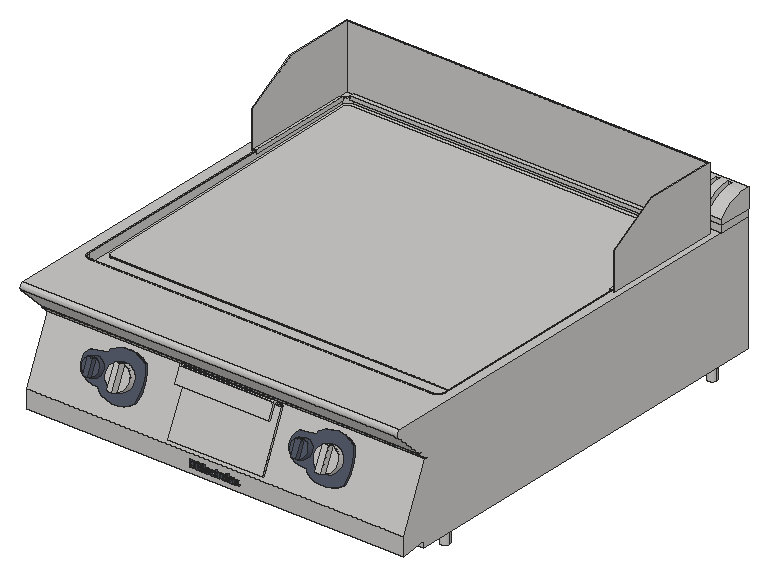
Revit family "QF_ELECTROLUXPROFESSIONAL_391586_E9IIDTAOMEI", category Attrezzature speciali, Revit 2018
Family settings
  Quota connettore circolare = Usa diametro
  Tipo di parte = Normale
  Basato su piano di lavoro = No
  Sempre verticale = Sì
  Taglio con vuoti quando caricato = No
  Condiviso = No
  Punto di calcolo locali = No
Parameters (values of type "Standard")
  Weight = 105.00 kg
  Watts = 0 W
  Volts = 0 V
  URL Manufacturer = "https://www.electroluxprofessional.com/"
  URL = "https://www.electroluxprofessional.com/"
  Steam Supply Size = 0"
  Steam Supply Minimum Pressure = 0.00 psi
  Steam Supply Maximum Pressure = 0.00 psi
  Steam Consumption per Hour = 0
  Show Logo [instance] = yes
  Show Clearance [instance] = yes
  Refrigeration Suction Line Size = 0 mm
  Refrigeration Liquid Line Size = 0 mm
  Refrigerant Compressor Remote = yes
  Phase = 0
  Modello = "E9IIDTAOMEI"
  Produttore = "Electrolux Professional"
  Length Actual = 800 mm  # constant formula
  Item Number = "391586"
  Hot Water Size = 0"
  Height Actual = 250 mm  # constant formula
  HP = "0 HP"
  Gas Size = 1/2"
  Gas KW = 20
  Gas Input Pressure = 0.672036 Btu/h
  Direct Waste Size = 0"
  Descrizione = "GAS FRY TOP POLISHED CHROME SMOOTH SLOPED PLATE 800MM - QMARK"
  Depth Actual = 930 mm  # constant formula
  Cycle = 0 Hz
  Condensate Return Size = 0"
  Compressed Air Volume = 0 GPM
  Compressed Air Size = 0"
  Compressed Air Pressure = 0.00 psi
  Cold Water Size = 0"
  Accessory = yes
Values of the unnamed type that differ from the named types
  Weight = 0.00 kg
  URL Manufacturer = ""
  Item Number = ""
  HP = ""
  Gas KW = 0
  Gas Input Pressure = 0.0 Btu/h
Reference planes
  plane 1 "BACK": y = 0
  plane 2: z = 0
  plane 3 "LEFT": x = 0
  plane 4 "RIGHT": x = 800
  plane 5 "FRONT": y = -930
  plane 6 "TOP": z = 275
  plane 7 "Center Y": x = 400
  plane 8 "Center X": y = -465
  plane 9: y = -1045
  plane 10: z = 24
  plane 11: z = 290
  plane 12: x = 748
  plane 13: z = 410
  plane 14: x = 11
  plane 15: x = 788.888
Forms (mm)
  Extrusion 1, solid, material "QF_Finishes_Stainless Steel"
    sketch origin (0, 0, 0) x (0, 1, 0) y (0, 0, 1)
      loop
        line (0, 275) -> (-922.686, 275)
        arc (-922.686, 275) -> (-929.443, 270.485) -> (-927.858, 262.514) r 7.314
        line (-927.858, 262.514) -> (-873.907, 208.563) -> (-865.773, 208.563) -> (-865.773, 206.447) -> (-871.79, 206.447) -> (-858.907, 193.563) -> (-850.773, 193.563) -> (-850.773, 191.447) -> (-856.79, 191.447) -> (-913.146, 69.003) -> (-913.146, 30.903) -> (-859.774, 36.513) -> (-859.774, 24) -> (0, 24) -> (0, 275)
    from 0 to 800
  Extrusion 2, solid, material "QF_Finishes_Stainless Steel"
    sketch origin (0, 0, 0) x (1, 0, 0) y (0, 1, 0)
      loop
        circle (11, -82) r 9.525
      loop
        circle (11, -790) r 9.525
      loop
        circle (789, -82) r 9.525
      loop
        circle (789, -790) r 9.525
    from 0 to 24
  Extrusion 3, solid, material "QF_Finishes_Stainless Steel"
    sketch origin (0, 0, 0.362) x (0, 1, 0) y (0, 0, 1)
      loop
        line (0, 289.638) -> (0, 331.738)
        arc (0, 331.738) -> (-38.857, 324.552) -> (-69.85, 300.038) r 82.056
        line (-69.85, 300.038) -> (-69.85, 289.638) -> (0, 289.638)
    from 0 to 400.05
  Extrusion 4, void
    sketch origin (0, 0, 275) x (0, -1, 0) y (1, 0, 0)
      loop
        line (6.761, 29.703) -> (63.911, 29.703) -> (63.911, 38.999) -> (6.761, 38.999) -> (6.761, 29.703)
      loop
        line (63.911, 64.487) -> (6.761, 64.487) -> (6.761, 55.191) -> (63.911, 55.191) -> (63.911, 64.487)
      loop
        line (63.911, 89.975) -> (6.761, 89.975) -> (6.761, 80.68) -> (63.911, 80.68) -> (63.911, 89.975)
      loop
        line (63.911, 115.464) -> (6.761, 115.464) -> (6.761, 106.168) -> (63.911, 106.168) -> (63.911, 115.464)
      loop
        line (63.911, 140.952) -> (6.761, 140.952) -> (6.761, 131.656) -> (63.911, 131.656) -> (63.911, 140.952)
      loop
        line (63.911, 166.44) -> (6.761, 166.44) -> (6.761, 157.145) -> (63.911, 157.145) -> (63.911, 166.44)
      loop
        line (63.911, 191.929) -> (6.761, 191.929) -> (6.761, 182.633) -> (63.911, 182.633) -> (63.911, 191.929)
      loop
        line (63.911, 217.417) -> (6.761, 217.417) -> (6.761, 208.121) -> (63.911, 208.121) -> (63.911, 217.417)
      loop
        line (63.911, 242.905) -> (6.761, 242.905) -> (6.761, 233.61) -> (63.911, 233.61) -> (63.911, 242.905)
      loop
        line (63.911, 268.394) -> (6.761, 268.394) -> (6.761, 259.098) -> (63.911, 259.098) -> (63.911, 268.394)
      loop
        line (63.911, 293.882) -> (6.761, 293.882) -> (6.761, 284.586) -> (63.911, 284.586) -> (63.911, 293.882)
      loop
        line (63.911, 319.37) -> (6.761, 319.37) -> (6.761, 310.075) -> (63.911, 310.075) -> (63.911, 319.37)
      loop
        line (63.911, 344.859) -> (6.761, 344.859) -> (6.761, 335.563) -> (63.911, 335.563) -> (63.911, 344.859)
      loop
        line (63.911, 370.347) -> (6.761, 370.347) -> (6.761, 361.051) -> (63.911, 361.051) -> (63.911, 370.347)
    from 25.4 to 63.5
  Extrusion 5, solid, material "QF_Finishes_Stainless Steel"
    sketch origin (400.05, 0, 0.362) x (0, 1, 0) y (0, 0, 1)
      loop
        line (0, 289.638) -> (0, 331.738)
        arc (0, 331.738) -> (-38.857, 324.552) -> (-69.85, 300.038) r 82.056
        line (-69.85, 300.038) -> (-69.85, 289.638) -> (0, 289.638)
    from 0 to 400.05
  Extrusion 6, void
    sketch origin (400.05, 0, 275) x (0, -1, 0) y (1, 0, 0)
      loop
        line (6.761, 29.703) -> (63.911, 29.703) -> (63.911, 38.999) -> (6.761, 38.999) -> (6.761, 29.703)
      loop
        line (63.911, 64.487) -> (6.761, 64.487) -> (6.761, 55.191) -> (63.911, 55.191) -> (63.911, 64.487)
      loop
        line (63.911, 89.975) -> (6.761, 89.975) -> (6.761, 80.68) -> (63.911, 80.68) -> (63.911, 89.975)
      loop
        line (63.911, 115.464) -> (6.761, 115.464) -> (6.761, 106.168) -> (63.911, 106.168) -> (63.911, 115.464)
      loop
        line (63.911, 140.952) -> (6.761, 140.952) -> (6.761, 131.656) -> (63.911, 131.656) -> (63.911, 140.952)
      loop
        line (63.911, 166.44) -> (6.761, 166.44) -> (6.761, 157.145) -> (63.911, 157.145) -> (63.911, 166.44)
      loop
        line (63.911, 191.929) -> (6.761, 191.929) -> (6.761, 182.633) -> (63.911, 182.633) -> (63.911, 191.929)
      loop
        line (63.911, 217.417) -> (6.761, 217.417) -> (6.761, 208.121) -> (63.911, 208.121) -> (63.911, 217.417)
      loop
        line (63.911, 242.905) -> (6.761, 242.905) -> (6.761, 233.61) -> (63.911, 233.61) -> (63.911, 242.905)
      loop
        line (63.911, 268.394) -> (6.761, 268.394) -> (6.761, 259.098) -> (63.911, 259.098) -> (63.911, 268.394)
      loop
        line (63.911, 293.882) -> (6.761, 293.882) -> (6.761, 284.586) -> (63.911, 284.586) -> (63.911, 293.882)
      loop
        line (63.911, 319.37) -> (6.761, 319.37) -> (6.761, 310.075) -> (63.911, 310.075) -> (63.911, 319.37)
      loop
        line (63.911, 344.859) -> (6.761, 344.859) -> (6.761, 335.563) -> (63.911, 335.563) -> (63.911, 344.859)
      loop
        line (63.911, 370.347) -> (6.761, 370.347) -> (6.761, 361.051) -> (63.911, 361.051) -> (63.911, 370.347)
    from 25.4 to 63.5
  Extrusion 7, solid, material "QF_Finishes_Stainless Steel"
    sketch origin (0, 0, 275) x (0, -1, 0) y (1, 0, 0)
      loop
        line (69.85, 0) -> (69.85, 800) -> (0, 800) -> (0, 0) -> (69.85, 0)
    from 0 to 15
  Extrusion 8, solid, material "QF_Finishes_Stainless Steel"
    sketch origin (400.05, -23.977, 1219.2) x (0, 1, 0) y (0, 0, 1)
      loop
        line (-834.228, -1030.828) -> (-850.635, -1014.422)
        arc (-850.635, -1014.422) -> (-855.102, -1013.019) -> (-858.806, -1015.884) r 5.058
        line (-858.806, -1015.884) -> (-871.468, -1043.394) -> (-868.584, -1044.721) -> (-855.922, -1017.211)
        arc (-855.922, -1017.211) -> (-854.543, -1016.145) -> (-852.88, -1016.667) r 1.883
        line (-852.88, -1016.667) -> (-838.037, -1031.51) -> (-888.871, -1141.955) -> (-885.987, -1143.282) -> (-834.228, -1030.828)
    from 100 to -100
  Extrusion 9, solid, material "QF_Door-Drawer Clearances", visible <- "Show Clearance", detail levels coarse
    sketch origin (293.7, -300.974, 0) x (0, 1, 0) y (0, 0, 1)
      loop
        line (-723.739, 174.479) -> (-711.077, 201.989)
        arc (-711.077, 201.989) -> (-709.698, 203.055) -> (-708.035, 202.533) r 1.883
        line (-708.035, 202.533) -> (-693.192, 187.69) -> (-744.026, 77.245) -> (-741.142, 75.918) -> (-608.989, 75.918) -> (-557.231, 188.372) -> (-573.638, 204.778)
        arc (-573.638, 204.778) -> (-574.873, 205.685) -> (-576.323, 206.181) r 5.058
        line (-576.323, 206.181) -> (-710.257, 206.181)
        arc (-710.257, 206.181) -> (-712.461, 205.203) -> (-713.961, 203.316) r 5.058
        line (-713.961, 203.316) -> (-726.623, 175.806) -> (-723.739, 174.479)
    from 6.35 to 206.35
  Extrusion 10, solid, material "QF_Finishes_Stainless Steel"
    sketch origin (0, 0, 0) x (0, 1, 0) y (0, 0, 1)
      loop
        line (-83.39, 410) -> (-235.39, 410) -> (-335.39, 352.265) -> (-335.39, 275) -> (-83.39, 275) -> (-83.39, 410)
    from 15.442 to 17.03
  Extrusion 11, solid, material "QF_Finishes_Stainless Steel"
    sketch origin (800, 0, 0) x (0, -1, 0) y (0, 0, 1)
      loop
        line (83.39, 410) -> (83.39, 275) -> (335.39, 275) -> (335.39, 352.265) -> (235.39, 410) -> (83.39, 410)
    from 15.442 to 17.03
  Extrusion 12, solid, material "QF_Finishes_Stainless Steel"
    sketch origin (635, 190.152, 275) x (0, -1, 0) y (1, 0, 0)
      loop
        line (273.542, 147.97) -> (273.542, -617.97) -> (275.13, -617.97) -> (275.13, 147.97) -> (273.542, 147.97)
    from 0 to 135
  Extrusion 13, void
    sketch origin (0, 0, 275) x (0, -1, 0) y (1, 0, 0)
      loop
        arc (92.539, 37.03) -> (96.932, 26.423) -> (107.539, 22.03) r 15
        line (107.539, 22.03) -> (777.539, 22.03)
        arc (777.539, 22.03) -> (788.145, 26.423) -> (792.539, 37.03) r 15
        line (792.539, 37.03) -> (792.539, 762.97)
        arc (792.539, 762.97) -> (788.145, 773.577) -> (777.539, 777.97) r 15
        line (777.539, 777.97) -> (107.539, 777.97)
        arc (107.539, 777.97) -> (96.932, 773.577) -> (92.539, 762.97) r 15
        line (92.539, 762.97) -> (92.539, 37.03)
    from 0 to -21.588
  Sweep 14, solid, material "QF_Finishes_Stainless Steel"
    path origin (0, 0, 0) x (1, 0, 0) y (0, 1, 0)
      loop
        line (22.03, -107.539) -> (22.03, -777.539)
        arc (22.03, -777.539) -> (26.423, -788.145) -> (37.03, -792.539) r 15
        line (37.03, -792.539) -> (762.97, -792.539)
        arc (762.97, -792.539) -> (773.577, -788.145) -> (777.97, -777.539) r 15
        line (777.97, -777.539) -> (777.97, -107.539)
        arc (777.97, -107.539) -> (773.577, -96.932) -> (762.97, -92.539) r 15
        line (762.97, -92.539) -> (37.03, -92.539)
        arc (37.03, -92.539) -> (26.423, -96.932) -> (22.03, -107.539) r 15
    profile origin (22.03, -442.539, 0) x (1, 0, 0) y (0, 0, 1)
      loop
        line (0, 255) -> (1.588, 255) -> (1.588, 272.855)
        arc (1.588, 272.855) -> (1.147, 274.189) -> (0, 275) r 2.242
        line (0, 275) -> (0, 255)
  Extrusion 15, solid, material "QF_Finishes_Stainless Steel"
    sketch origin (1234.536, -1877.601, 240.53) x (0, 0.999911, 0.013315) y (-1, 0, 0)
      loop
        line (1137.444, 1192.506) -> (1137.444, 476.566)
        spline (1137.444, 476.566) -> (1137.529, 475.26) -> (1137.784, 473.977) -> (1138.205, 472.739) -> (1138.783, 471.566) -> (1139.51, 470.478) -> (1140.372, 469.494) -> (1141.356, 468.632) -> (1142.443, 467.905) -> (1143.616, 467.327) -> (1144.855, 466.906) -> (1146.138, 466.651) -> (1147.443, 466.566)
        line (1147.443, 466.566) -> (1761.703, 466.566)
        spline (1761.703, 466.566) -> (1763.009, 466.651) -> (1764.291, 466.906) -> (1765.53, 467.327) -> (1766.703, 467.905) -> (1767.79, 468.632) -> (1768.774, 469.494) -> (1769.636, 470.478) -> (1770.363, 471.566) -> (1770.941, 472.739) -> (1771.362, 473.977) -> (1771.617, 475.26) -> (1771.702, 476.566)
        line (1771.702, 476.566) -> (1771.702, 1192.506)
        spline (1771.702, 1192.506) -> (1771.617, 1193.812) -> (1771.362, 1195.095) -> (1770.941, 1196.333) -> (1770.363, 1197.506) -> (1769.636, 1198.594) -> (1768.774, 1199.578) -> (1767.79, 1200.44) -> (1766.703, 1201.167) -> (1765.53, 1201.745) -> (1764.291, 1202.166) -> (1763.009, 1202.421) -> (1761.703, 1202.506)
        line (1761.703, 1202.506) -> (1147.443, 1202.506)
        spline (1147.443, 1202.506) -> (1146.138, 1202.421) -> (1144.855, 1202.166) -> (1143.616, 1201.745) -> (1142.443, 1201.167) -> (1141.356, 1200.44) -> (1140.372, 1199.578) -> (1139.51, 1198.594) -> (1138.783, 1197.506) -> (1138.205, 1196.333) -> (1137.784, 1195.095) -> (1137.529, 1193.812) -> (1137.444, 1192.506)
    from 1.6 to 0
  Extrusion 16, solid, material "QF_Finishes_Stainless Steel"
    sketch origin (0, 0, 0) x (1, 0, 0) y (0, 0, 1)
      loop
        line (17.03, 275.856) -> (23.926, 275.856) -> (23.926, 270.856) -> (25.514, 270.856) -> (25.514, 277.444) -> (17.03, 277.444) -> (17.03, 275.856)
      loop
        line (782.97, 275.856) -> (782.97, 277.444) -> (774.486, 277.444) -> (774.486, 270.856) -> (776.074, 270.856) -> (776.074, 275.856) -> (782.97, 275.856)
    from 105.541 to 335.39
  Extrusion 17, solid, material "QF_Finishes_Stainless Steel"
    sketch origin (0, 0, 0) x (0, 1, 0) y (0, 0, 1)
      loop
        line (-94.126, 270.856) -> (-94.126, 275.856) -> (-84.978, 275.856) -> (-84.978, 277.444) -> (-95.714, 277.444) -> (-95.714, 270.856) -> (-94.126, 270.856)
    from 32.03 to 767.97
  Extrusion 18, solid, material "QF_Finishes_Stainless Steel"
    sketch origin (0, -101.6, 24) x (-1, 0, 0) y (0, 1, 0)
      loop
        circle (-748, -562.4) r 6.35
    from 0 to 17
  Extrusion 19, solid, material "QF_Finishes_Navy Blue", visible <- "Show Logo"
    sketch origin (0, -913.146, 30.903) x (0, 0, 1) y (-1, 0, 0)
      loop
        line (25.436, -355.199) -> (13.07, -355.199)
        arc (13.07, -355.199) -> (19.253, -359.77) -> (25.436, -355.199) r 6.467
      loop
        arc (25.436, -354.57) -> (24.267, -349.427) -> (19.612, -346.949) r 6.338
        line (19.612, -346.949) -> (19.612, -348.995)
        arc (19.612, -348.995) -> (21.095, -352.65) -> (24.541, -354.57) r 5.941
        line (24.541, -354.57) -> (25.436, -354.57)
      loop
        arc (13.965, -354.57) -> (17.411, -352.65) -> (18.895, -348.995) r 5.941
        line (18.895, -348.995) -> (18.895, -346.949)
        arc (18.895, -346.949) -> (14.2, -349.423) -> (12.911, -354.57) r 6.504
        line (12.911, -354.57) -> (13.965, -354.57)
      loop
        line (26.111, -346.48) -> (12.367, -346.48) -> (12.367, -360.243) -> (26.111, -360.243) -> (26.111, -346.48)
      loop
        arc (26.195, -363.21) -> (25.847, -362.853) -> (25.48, -363.191) r 0.358
        arc (25.48, -363.191) -> (25.166, -363.941) -> (24.449, -364.326) r 1.216
        line (24.449, -364.326) -> (14.037, -364.326)
        arc (14.037, -364.326) -> (13.377, -364.048) -> (12.981, -363.452) r 1.238
        arc (12.981, -363.452) -> (12.586, -363.201) -> (12.28, -363.555) r 0.358
        line (12.28, -363.555) -> (12.28, -373.434) -> (15.031, -373.434) -> (15.031, -372.537)
        arc (15.031, -372.537) -> (14.122, -371.957) -> (13.667, -370.98) r 1.928
        line (13.667, -370.98) -> (13.667, -368.481)
        arc (13.667, -368.481) -> (13.942, -367.752) -> (14.631, -367.388) r 1.101
        line (14.631, -367.388) -> (18.717, -367.388) -> (18.717, -371.061)
        arc (18.717, -371.061) -> (18.365, -371.558) -> (17.799, -371.786) r 1.083
        arc (17.799, -371.786) -> (17.536, -372.092) -> (17.828, -372.37) r 0.292
        line (17.828, -372.37) -> (20.79, -372.37)
        arc (20.79, -372.37) -> (21.093, -372.097) -> (20.854, -371.767) r 0.305
        arc (20.854, -371.767) -> (20.364, -371.519) -> (20.059, -371.061) r 1.083
        line (20.059, -371.061) -> (20.059, -367.388) -> (24.736, -367.388) -> (24.736, -371.135)
        arc (24.736, -371.135) -> (24.522, -371.891) -> (23.915, -372.389) r 1.314
        arc (23.915, -372.389) -> (23.696, -372.793) -> (24.051, -373.085) r 0.361
        line (24.051, -373.085) -> (26.195, -373.085) -> (26.195, -363.21)
      loop
        arc (25.478, -373.866) -> (25.097, -374.785) -> (24.179, -375.165) r 1.299
        line (24.179, -375.165) -> (14.6, -375.165)
        arc (14.6, -375.165) -> (13.762, -374.787) -> (13.49, -373.909) r 1.118
        line (13.49, -373.909) -> (12.28, -373.909) -> (12.28, -379.259) -> (13.469, -379.259)
        arc (13.469, -379.259) -> (13.74, -378.342) -> (14.61, -377.946) r 1.153
        line (14.61, -377.946) -> (26.683, -377.946) -> (25.478, -373.866)
      loop
        line (17.245, -381.895) -> (17.245, -388.342) -> (18.044, -388.342)
        arc (18.044, -388.342) -> (20.625, -387.358) -> (21.893, -384.904) r 3.874
        line (21.893, -384.904) -> (21.893, -383.144)
        arc (21.893, -383.144) -> (20.707, -380.279) -> (17.842, -379.093) r 4.051
        line (17.842, -379.093) -> (15.834, -379.093)
        arc (15.834, -379.093) -> (13.016, -380.578) -> (11.964, -383.585) r 4.352
        arc (11.964, -383.585) -> (12.328, -386.048) -> (13.706, -388.122) r 5.713
        line (13.706, -388.122) -> (14.655, -388.122)
        arc (14.655, -388.122) -> (13.922, -386.553) -> (13.706, -384.835) r 5.579
        arc (13.706, -384.835) -> (14.5, -382.872) -> (16.379, -381.895) r 3.057
        line (16.379, -381.895) -> (17.245, -381.895)
      loop
        line (18.504, -381.895) -> (18.504, -385.477)
        arc (18.504, -385.477) -> (19.961, -385.524) -> (20.844, -384.365) r 1.59
        line (20.844, -384.365) -> (20.844, -383.535)
        arc (20.844, -383.535) -> (19.98, -382.28) -> (18.504, -381.895) r 2.184
      loop
        arc (21.295, -397.76) -> (21.784, -396.086) -> (21.942, -394.349) r 9.023
        line (21.942, -394.349) -> (21.942, -392.987)
        arc (21.942, -392.987) -> (20.782, -390.187) -> (17.983, -389.027) r 3.959
        line (17.983, -389.027) -> (15.382, -389.027)
        arc (15.382, -389.027) -> (13.101, -390.32) -> (11.983, -392.693) r 4.331
        line (11.983, -392.693) -> (11.983, -394.828)
        arc (11.983, -394.828) -> (12.492, -396.378) -> (13.413, -397.724) r 5.772
        arc (13.413, -397.724) -> (14.175, -397.775) -> (14.261, -397.016) r 0.553
        arc (14.261, -397.016) -> (13.874, -396.282) -> (13.74, -395.463) r 2.573
        line (13.74, -395.463) -> (13.74, -393.948)
        arc (13.74, -393.948) -> (14.746, -392.306) -> (16.56, -391.664) r 2.884
        line (16.56, -391.664) -> (17.839, -391.664)
        arc (17.839, -391.664) -> (19.66, -392.224) -> (20.587, -393.889) r 2.554
        line (20.587, -393.889) -> (20.587, -394.942)
        arc (20.587, -394.942) -> (20.255, -395.87) -> (19.598, -396.605) r 2.564
        arc (19.598, -396.605) -> (19.377, -397.322) -> (19.986, -397.76) r 0.643
        line (19.986, -397.76) -> (21.295, -397.76)
      loop
        line (20.277, -398.03) -> (20.277, -399.531) -> (14.229, -399.531)
        arc (14.229, -399.531) -> (12.641, -400.189) -> (11.983, -401.777) r 2.246
        line (11.983, -401.777) -> (11.983, -403.361)
        arc (11.983, -403.361) -> (12.297, -404.225) -> (12.798, -404.997) r 4.06
        arc (12.798, -404.997) -> (13.53, -405.13) -> (13.782, -404.429) r 0.576
        arc (13.782, -404.429) -> (13.676, -403.903) -> (13.74, -403.371) r 1.69
        arc (13.74, -403.371) -> (14.281, -402.583) -> (15.188, -402.28) r 1.506
        line (15.188, -402.28) -> (20.326, -402.28) -> (20.326, -404.677) -> (20.882, -405.233) -> (21.704, -405.233) -> (21.704, -402.374) -> (24.935, -402.374) -> (20.277, -398.03)
      loop
        line (12.201, -406.131) -> (12.201, -411.518) -> (13.311, -411.518)
        arc (13.311, -411.518) -> (13.705, -410.567) -> (14.656, -410.173) r 1.345
        line (14.656, -410.173) -> (18.272, -410.173)
        arc (18.272, -410.173) -> (19.037, -410.765) -> (19.326, -411.687) r 1.615
        line (19.326, -411.687) -> (19.326, -413.243) -> (21.882, -413.928) -> (21.882, -412.545) -> (19.939, -409.986) -> (21.82, -409.986) -> (21.535, -407.28)
        arc (21.535, -407.28) -> (21.096, -406.75) -> (20.437, -406.951) r 0.621
        arc (20.437, -406.951) -> (20.036, -407.293) -> (19.542, -407.476) r 1.501
        line (19.542, -407.476) -> (14.656, -407.476)
        arc (14.656, -407.476) -> (13.705, -407.082) -> (13.311, -406.131) r 1.345
        line (13.311, -406.131) -> (12.201, -406.131)
      loop
        line (18.303, -413.465) -> (15.61, -413.465)
        arc (15.61, -413.465) -> (13.165, -414.773) -> (12.031, -417.303) r 4.288
        arc (12.031, -417.303) -> (11.968, -418.684) -> (12.031, -420.064) r 15.022
        arc (12.031, -420.064) -> (13.165, -422.595) -> (15.61, -423.902) r 4.288
        line (15.61, -423.902) -> (18.303, -423.902)
        arc (18.303, -423.902) -> (20.748, -422.595) -> (21.882, -420.064) r 4.288
        arc (21.882, -420.064) -> (21.946, -418.684) -> (21.882, -417.303) r 15.022
        arc (21.882, -417.303) -> (20.748, -414.773) -> (18.303, -413.465) r 4.288
      loop
        line (18.507, -416.579) -> (15.406, -416.579)
        arc (15.406, -416.579) -> (13.249, -418.736) -> (15.406, -420.893) r 2.157
        line (15.406, -420.893) -> (18.507, -420.893)
        arc (18.507, -420.893) -> (20.664, -418.736) -> (18.507, -416.579) r 2.157
      loop
        arc (25.488, -423.76) -> (25.118, -424.654) -> (24.224, -425.025) r 1.264
        line (24.224, -425.025) -> (14.359, -425.025)
        arc (14.359, -425.025) -> (13.489, -424.628) -> (13.218, -423.712) r 1.153
        line (13.218, -423.712) -> (12.28, -423.712) -> (12.28, -428.82) -> (13.209, -428.82)
        arc (13.209, -428.82) -> (13.568, -428.048) -> (14.359, -427.733) r 1.153
        line (14.359, -427.733) -> (26.683, -427.733) -> (25.488, -423.76)
      loop
        arc (20.608, -428.357) -> (20.409, -429.422) -> (19.44, -429.904) r 1.215
        line (19.44, -429.904) -> (14.42, -429.904)
        arc (14.42, -429.904) -> (12.806, -430.551) -> (12.085, -432.134) r 2.338
        line (12.085, -432.134) -> (12.085, -433.649)
        arc (12.085, -433.649) -> (12.259, -434.653) -> (12.762, -435.539) r 2.979
        line (12.762, -435.539) -> (12.28, -437.336) -> (12.28, -439.024) -> (21.706, -439.024) -> (21.412, -434.821) -> (20.625, -434.821)
        arc (20.625, -434.821) -> (20.27, -435.657) -> (19.517, -436.166) r 1.605
        line (19.517, -436.166) -> (14.415, -436.166)
        arc (14.415, -436.166) -> (13.994, -435.229) -> (13.922, -434.205) r 2.94
        arc (13.922, -434.205) -> (14.482, -433.104) -> (15.636, -432.661) r 1.724
        line (15.636, -432.661) -> (21.832, -432.661) -> (20.608, -428.357)
      loop
        line (21.637, -439.878) -> (19.964, -441.924) -> (16.791, -444.23) -> (13.334, -441.118)
        arc (13.334, -441.118) -> (13.097, -440.724) -> (13.119, -440.265) r 0.789
        line (13.119, -440.265) -> (12.28, -440.265) -> (12.28, -443.81) -> (13.107, -443.81)
        arc (13.107, -443.81) -> (13.449, -443.448) -> (13.939, -443.54) r 0.52
        line (13.939, -443.54) -> (15.739, -445.011) -> (13.62, -446.386)
        arc (13.62, -446.386) -> (13.219, -446.076) -> (13.133, -445.577) r 0.7
        line (13.133, -445.577) -> (12.28, -445.577) -> (12.28, -451.504) -> (13.167, -451.504)
        arc (13.167, -451.504) -> (13.234, -450.845) -> (13.629, -450.314) r 1.247
        line (13.629, -450.314) -> (17.828, -447.033) -> (20.276, -449.086) -> (21.637, -450.828) -> (21.637, -447.104) -> (20.152, -447.527) -> (18.63, -446.25) -> (20.33, -445.06) -> (21.637, -445.836) -> (21.637, -439.878)
    from 0 to 1.644
  Extrusion 20, solid, material "QF_Finishes_Navy Blue"
    sketch origin (81.285, -908.962, 78.095) x (0, 0.418102, 0.9084) y (-1, 0, 0)
      loop
        arc (104.355, -502.587) -> (101.326, -501.258) -> (98.25, -500.039) r 91.066
        arc (98.25, -500.039) -> (96.592, -482.449) -> (93.213, -465.107) r 179.528
        arc (93.213, -465.107) -> (69.244, -452.795) -> (45.274, -465.107) r 29.489
        arc (45.274, -465.107) -> (38.909, -481.441) -> (37.449, -498.912) r 61.044
        arc (37.449, -498.912) -> (34.471, -499.962) -> (31.532, -501.116) r 91.066
        arc (31.532, -501.116) -> (19.517, -540.223) -> (32.929, -578.873) r 65.817
        arc (32.929, -578.873) -> (68.105, -585.173) -> (102.996, -577.452) r 91.066
        arc (102.996, -577.452) -> (115.418, -540.233) -> (104.355, -502.587) r 65.546
    from 0 to 3.175
  Extrusion 21, solid, material "QF_Finishes_Stainless Steel"
    sketch origin (460.035, -912.675, 77.62) x (0, 0.418102, 0.9084) y (-1, 0, 0)
      loop
        circle (68.826, -160.963) r 25.4
    from 0 to 12.7
  Extrusion 22, solid, material "QF_Finishes_Stainless Steel"
    sketch origin (460.035, -924.212, 82.93) x (0, 0.418102, 0.9084) y (-1, 0, 0)
      loop
        arc (93.558, -166.749) -> (94.226, -160.963) -> (93.558, -155.177) r 25.4
        line (93.558, -155.177) -> (44.094, -155.177)
        arc (44.094, -155.177) -> (43.426, -160.963) -> (44.094, -166.749) r 25.4
        line (44.094, -166.749) -> (93.558, -166.749)
    from 0 to 12.7
  Extrusion 23, solid, material "QF_Finishes_Navy Blue"
    sketch origin (402.535, -912.675, 77.62) x (0, 0.418102, 0.9084) y (-1, 0, 0)
      loop
        circle (68.826, -160.963) r 18.37
    from 0 to 12.7
  Extrusion 24, solid, material "QF_Finishes_Navy Blue"
    sketch origin (401.244, -924.212, 82.93) x (0, 0.418102, 0.9084) y (-1, 0, 0)
      loop
        arc (84.808, -167.687) -> (85.476, -161.901) -> (84.808, -156.114) r 25.4
        line (84.808, -156.114) -> (52.844, -156.114)
        arc (52.844, -156.114) -> (52.176, -161.901) -> (52.844, -167.687) r 25.4
        line (52.844, -167.687) -> (84.808, -167.687)
    from 0 to 8.112
  Extrusion 25, solid, material "QF_Finishes_Navy Blue"
    sketch origin (-360.711, -908.962, 78.095) x (0, 0.418102, 0.9084) y (-1, 0, 0)
      loop
        arc (104.355, -502.587) -> (101.326, -501.258) -> (98.25, -500.039) r 91.066
        arc (98.25, -500.039) -> (96.592, -482.449) -> (93.213, -465.107) r 179.528
        arc (93.213, -465.107) -> (69.244, -452.795) -> (45.274, -465.107) r 29.489
        arc (45.274, -465.107) -> (38.909, -481.441) -> (37.449, -498.912) r 61.044
        arc (37.449, -498.912) -> (34.471, -499.962) -> (31.532, -501.116) r 91.066
        arc (31.532, -501.116) -> (19.517, -540.223) -> (32.929, -578.873) r 65.817
        arc (32.929, -578.873) -> (68.105, -585.173) -> (102.996, -577.452) r 91.066
        arc (102.996, -577.452) -> (115.418, -540.233) -> (104.355, -502.587) r 65.546
    from 0 to 3.175
  Extrusion 26, solid, material "QF_Finishes_Stainless Steel"
    sketch origin (18.039, -912.675, 77.62) x (0, 0.418102, 0.9084) y (-1, 0, 0)
      loop
        circle (68.826, -160.963) r 25.4
    from 0 to 12.7
  Extrusion 27, solid, material "QF_Finishes_Stainless Steel"
    sketch origin (18.039, -924.212, 82.93) x (0, 0.418102, 0.9084) y (-1, 0, 0)
      loop
        arc (93.558, -166.749) -> (94.226, -160.963) -> (93.558, -155.177) r 25.4
        line (93.558, -155.177) -> (44.094, -155.177)
        arc (44.094, -155.177) -> (43.426, -160.963) -> (44.094, -166.749) r 25.4
        line (44.094, -166.749) -> (93.558, -166.749)
    from 0 to 12.7
  Extrusion 28, solid, material "QF_Finishes_Navy Blue"
    sketch origin (-39.461, -912.675, 77.62) x (0, 0.418102, 0.9084) y (-1, 0, 0)
      loop
        circle (68.826, -160.963) r 18.37
    from 0 to 12.7
  Extrusion 29, solid, material "QF_Finishes_Navy Blue"
    sketch origin (-40.752, -924.212, 82.93) x (0, 0.418102, 0.9084) y (-1, 0, 0)
      loop
        arc (84.808, -167.687) -> (85.476, -161.901) -> (84.808, -156.114) r 25.4
        line (84.808, -156.114) -> (52.844, -156.114)
        arc (52.844, -156.114) -> (52.176, -161.901) -> (52.844, -167.687) r 25.4
        line (52.844, -167.687) -> (84.808, -167.687)
    from 0 to 8.112
  Extrusion 30, solid, material "QF_Clearances", visible <- "Show Clearance", detail levels coarse
    sketch origin (0, 0, 0) x (1, 0, 0) y (0, 1, 0)
      loop
        line (0, 0) -> (800, 0) -> (800, -930) -> (900, -930) -> (900, 100) -> (-100, 100) -> (-100, -930) -> (0, -930) -> (0, 0)
    from 0 to 410
  Extrusion 31, solid, material "QF_Finishes_Stainless Steel"
    sketch origin (0, 0, 0) x (0, 1, 0) y (0, 0, 1)
      loop
        line (-792.539, 254.979) -> (-792.539, 253.413) -> (-92.539, 253.413) -> (-92.539, 264.3) -> (-792.539, 254.979)
    from 22.03 to 777.97
  Extrusion 32, void
    sketch origin (0, 0, 0) x (1, 0, 0) y (0, 1, 0)
      loop
        arc (388.196, -763.736) -> (380.696, -771.236) -> (388.196, -778.736) r 7.5
        line (388.196, -778.736) -> (411.804, -778.736)
        arc (411.804, -778.736) -> (419.304, -771.236) -> (411.804, -763.736) r 7.5
        line (411.804, -763.736) -> (388.196, -763.736)
    from 235.859 to 255.827
Cuts and joins
  Extrusion 6 cuts Extrusion 5
  Extrusion 4 cuts Extrusion 3
  joined: Extrusion 10, Extrusion 11, Extrusion 12
  Extrusion 13, Extrusion 32 cuts Extrusion 1
  Extrusion 32 cuts Extrusion 31
Lines and regions (mm)
  symbolic lines, style "QF_Clearances", visible <- "Show Clearance", detail levels coarse
    curve 1: line (900, -930, 0) -> (900, 100, 0)
    curve 2: line (900, 100, 0) -> (-100, 100, 0)
    curve 3: line (-100, 100, 0) -> (-100, -930, 0)
  symbolic lines, style "QF_Door-Drawer Clearances"
    curve 4: line (300.05, -930, 0) -> (300.05, -1045, 0)
    curve 5: line (300.05, -1045, 0) -> (500.05, -1045, 0)
    curve 6: line (500.05, -930, 0) -> (500.05, -1045, 0)
  symbolic lines
    curve 7: line (0, -930, 0) -> (800, -930, 0)
    curve 8: line (800, -930, 0) -> (800, 0, 0)
    curve 9: line (800, 0, 0) -> (0, 0, 0)
    curve 10: line (0, 0, 0) -> (0, -930, 0)
    curve 11: line (762.97, -792.539, 0) -> (37.03, -792.539, 0)
    curve 12: arc (37.03, -792.539, 0) -> (26.423, -788.145, 0) -> (22.03, -777.539, 0) r 15
    curve 13: line (22.03, -777.539, 0) -> (22.03, -335.39, 0)
    curve 14: arc (22.163, -105.541, 0) -> (25.387, -98.081, 0) -> (32.03, -93.397, 0) r 15
    curve 15: arc (767.97, -93.397, 0) -> (774.613, -98.081, 0) -> (777.837, -105.541, 0) r 15
    curve 16: line (777.97, -335.39, 0) -> (777.97, -777.539, 0)
    curve 17: arc (777.97, -777.539, 0) -> (773.577, -788.145, 0) -> (762.97, -792.539, 0) r 15
    curve 18: line (757.97, -738.692, 0) -> (42.03, -738.692, 0)
    curve 19: arc (42.03, -738.692, 0) -> (34.958, -735.763, 0) -> (32.03, -728.692, 0) r 10
    curve 20: line (32.03, -728.692, 0) -> (32.03, -116.077, 0)
    curve 21: arc (32.03, -116.077, 0) -> (34.958, -109.006, 0) -> (42.03, -106.077, 0) r 10
    curve 22: line (42.03, -106.077, 0) -> (757.97, -106.077, 0)
    curve 23: arc (757.97, -106.077, 0) -> (765.042, -109.006, 0) -> (767.97, -116.077, 0) r 10
    curve 24: line (767.97, -116.077, 0) -> (767.97, -728.692, 0)
    curve 25: arc (767.97, -728.692, 0) -> (765.042, -735.763, 0) -> (757.97, -738.692, 0) r 10
    curve 26: line (15.442, -83.39, 0) -> (15.442, -335.39, 0)
    curve 27: line (784.558, -83.39, 0) -> (15.442, -83.39, 0)
    curve 28: line (784.558, -335.39, 0) -> (784.558, -83.39, 0)
    curve 29: line (767.97, -95.714, 0) -> (767.97, -83.39, 0)
    curve 30: line (32.03, -95.714, 0) -> (767.97, -95.714, 0)
    curve 31: line (32.03, -83.39, 0) -> (32.03, -95.714, 0)
    curve 32: line (784.558, -105.541, 0) -> (774.486, -105.541, 0)
    curve 33: line (25.514, -335.39, 0) -> (25.514, -105.541, 0)
    curve 34: line (15.442, -335.39, 0) -> (25.514, -335.39, 0)
    curve 35: line (774.486, -105.541, 0) -> (774.486, -335.39, 0)
    curve 36: line (774.486, -335.39, 0) -> (784.558, -335.39, 0)
    curve 37: line (25.514, -105.541, 0) -> (15.442, -105.541, 0)
    curve 38: line (38.999, -6.761, 0) -> (38.999, -63.911, 0)
    curve 39: line (38.999, -63.911, 0) -> (29.703, -63.911, 0)
    curve 40: line (29.703, -63.911, 0) -> (29.703, -6.761, 0)
    curve 41: line (29.703, -6.761, 0) -> (38.999, -6.761, 0)
    curve 42: line (55.191, -63.911, 0) -> (55.191, -6.761, 0)
    curve 43: line (55.191, -6.761, 0) -> (64.487, -6.761, 0)
    curve 44: line (64.487, -6.761, 0) -> (64.487, -63.911, 0)
    curve 45: line (64.487, -63.911, 0) -> (55.191, -63.911, 0)
    curve 46: line (89.975, -6.761, 0) -> (89.975, -63.911, 0)
    curve 47: line (89.975, -63.911, 0) -> (80.68, -63.911, 0)
    curve 48: line (80.68, -63.911, 0) -> (80.68, -6.761, 0)
    curve 49: line (80.68, -6.761, 0) -> (89.975, -6.761, 0)
    curve 50: line (115.464, -6.761, 0) -> (115.464, -63.911, 0)
    curve 51: line (115.464, -63.911, 0) -> (106.168, -63.911, 0)
    curve 52: line (106.168, -63.911, 0) -> (106.168, -6.761, 0)
    curve 53: line (106.168, -6.761, 0) -> (115.464, -6.761, 0)
    curve 54: line (140.952, -6.761, 0) -> (140.952, -63.911, 0)
    curve 55: line (140.952, -63.911, 0) -> (131.656, -63.911, 0)
    curve 56: line (131.656, -63.911, 0) -> (131.656, -6.761, 0)
    curve 57: line (131.656, -6.761, 0) -> (140.952, -6.761, 0)
    curve 58: line (166.44, -6.761, 0) -> (166.44, -63.911, 0)
    curve 59: line (166.44, -63.911, 0) -> (157.145, -63.911, 0)
    curve 60: line (157.145, -63.911, 0) -> (157.145, -6.761, 0)
    curve 61: line (157.145, -6.761, 0) -> (166.44, -6.761, 0)
    curve 62: line (191.929, -6.761, 0) -> (191.929, -63.911, 0)
    curve 63: line (191.929, -63.911, 0) -> (182.633, -63.911, 0)
    curve 64: line (182.633, -63.911, 0) -> (182.633, -6.761, 0)
    curve 65: line (182.633, -6.761, 0) -> (191.929, -6.761, 0)
    curve 66: line (233.61, -63.911, 0) -> (233.61, -6.761, 0)
    curve 67: line (233.61, -6.761, 0) -> (242.905, -6.761, 0)
    curve 68: line (242.905, -6.761, 0) -> (242.905, -63.911, 0)
    curve 69: line (242.905, -63.911, 0) -> (233.61, -63.911, 0)
    curve 70: line (268.394, -6.761, 0) -> (268.394, -63.911, 0)
    curve 71: line (268.394, -63.911, 0) -> (259.098, -63.911, 0)
    curve 72: line (259.098, -63.911, 0) -> (259.098, -6.761, 0)
    curve 73: line (259.098, -6.761, 0) -> (268.394, -6.761, 0)
    curve 74: line (293.882, -6.761, 0) -> (293.882, -63.911, 0)
    curve 75: line (293.882, -63.911, 0) -> (284.586, -63.911, 0)
    curve 76: line (284.586, -63.911, 0) -> (284.586, -6.761, 0)
    curve 77: line (284.586, -6.761, 0) -> (293.882, -6.761, 0)
    curve 78: line (319.37, -6.761, 0) -> (319.37, -63.911, 0)
    curve 79: line (319.37, -63.911, 0) -> (310.075, -63.911, 0)
    curve 80: line (310.075, -63.911, 0) -> (310.075, -6.761, 0)
    curve 81: line (310.075, -6.761, 0) -> (319.37, -6.761, 0)
    curve 82: line (344.859, -6.761, 0) -> (344.859, -63.911, 0)
    curve 83: line (344.859, -63.911, 0) -> (335.563, -63.911, 0)
    curve 84: line (335.563, -63.911, 0) -> (335.563, -6.761, 0)
    curve 85: line (335.563, -6.761, 0) -> (344.859, -6.761, 0)
    curve 86: line (370.347, -6.761, 0) -> (370.347, -63.911, 0)
    curve 87: line (370.347, -63.911, 0) -> (361.051, -63.911, 0)
    curve 88: line (361.051, -63.911, 0) -> (361.051, -6.761, 0)
    curve 89: line (361.051, -6.761, 0) -> (370.347, -6.761, 0)
    curve 90: line (208.121, -63.911, 0) -> (208.121, -6.761, 0)
    curve 91: line (208.121, -6.761, 0) -> (217.417, -6.761, 0)
    curve 92: line (217.417, -6.761, 0) -> (217.417, -63.911, 0)
    curve 93: line (217.417, -63.911, 0) -> (208.121, -63.911, 0)
    curve 94: line (233.61, -63.911, 0) -> (233.61, -6.761, 0)
    curve 95: line (761.001, -6.761, 0) -> (761.001, -63.911, 0)
    curve 96: line (761.001, -63.911, 0) -> (770.297, -63.911, 0)
    curve 97: line (770.297, -63.911, 0) -> (770.297, -6.761, 0)
    curve 98: line (770.297, -6.761, 0) -> (761.001, -6.761, 0)
    curve 99: line (744.809, -63.911, 0) -> (744.809, -6.761, 0)
    curve 100: line (744.809, -6.761, 0) -> (735.513, -6.761, 0)
    curve 101: line (735.513, -6.761, 0) -> (735.513, -63.911, 0)
    curve 102: line (735.513, -63.911, 0) -> (744.809, -63.911, 0)
    curve 103: line (710.025, -6.761, 0) -> (710.025, -63.911, 0)
    curve 104: line (710.025, -63.911, 0) -> (719.32, -63.911, 0)
    curve 105: line (719.32, -63.911, 0) -> (719.32, -6.761, 0)
    curve 106: line (719.32, -6.761, 0) -> (710.025, -6.761, 0)
    curve 107: line (684.536, -6.761, 0) -> (684.536, -63.911, 0)
    curve 108: line (684.536, -63.911, 0) -> (693.832, -63.911, 0)
    curve 109: line (693.832, -63.911, 0) -> (693.832, -6.761, 0)
    curve 110: line (693.832, -6.761, 0) -> (684.536, -6.761, 0)
    curve 111: line (659.048, -6.761, 0) -> (659.048, -63.911, 0)
    curve 112: line (659.048, -63.911, 0) -> (668.344, -63.911, 0)
    curve 113: line (668.344, -63.911, 0) -> (668.344, -6.761, 0)
    curve 114: line (668.344, -6.761, 0) -> (659.048, -6.761, 0)
    curve 115: line (633.56, -6.761, 0) -> (633.56, -63.911, 0)
    curve 116: line (633.56, -63.911, 0) -> (642.855, -63.911, 0)
    curve 117: line (642.855, -63.911, 0) -> (642.855, -6.761, 0)
    curve 118: line (642.855, -6.761, 0) -> (633.56, -6.761, 0)
    curve 119: line (608.071, -6.761, 0) -> (608.071, -63.911, 0)
    curve 120: line (608.071, -63.911, 0) -> (617.367, -63.911, 0)
    curve 121: line (617.367, -63.911, 0) -> (617.367, -6.761, 0)
    curve 122: line (617.367, -6.761, 0) -> (608.071, -6.761, 0)
    curve 123: line (566.39, -63.911, 0) -> (566.39, -6.761, 0)
    curve 124: line (566.39, -6.761, 0) -> (557.095, -6.761, 0)
    curve 125: line (557.095, -6.761, 0) -> (557.095, -63.911, 0)
    curve 126: line (557.095, -63.911, 0) -> (566.39, -63.911, 0)
    curve 127: line (531.606, -6.761, 0) -> (531.606, -63.911, 0)
    curve 128: line (531.606, -63.911, 0) -> (540.902, -63.911, 0)
    curve 129: line (540.902, -63.911, 0) -> (540.902, -6.761, 0)
    curve 130: line (540.902, -6.761, 0) -> (531.606, -6.761, 0)
    curve 131: line (506.118, -6.761, 0) -> (506.118, -63.911, 0)
    curve 132: line (506.118, -63.911, 0) -> (515.414, -63.911, 0)
    curve 133: line (515.414, -63.911, 0) -> (515.414, -6.761, 0)
    curve 134: line (515.414, -6.761, 0) -> (506.118, -6.761, 0)
    curve 135: line (480.63, -6.761, 0) -> (480.63, -63.911, 0)
    curve 136: line (480.63, -63.911, 0) -> (489.925, -63.911, 0)
    curve 137: line (489.925, -63.911, 0) -> (489.925, -6.761, 0)
    curve 138: line (489.925, -6.761, 0) -> (480.63, -6.761, 0)
    curve 139: line (455.141, -6.761, 0) -> (455.141, -63.911, 0)
    curve 140: line (455.141, -63.911, 0) -> (464.437, -63.911, 0)
    curve 141: line (464.437, -63.911, 0) -> (464.437, -6.761, 0)
    curve 142: line (464.437, -6.761, 0) -> (455.141, -6.761, 0)
    curve 143: line (429.653, -6.761, 0) -> (429.653, -63.911, 0)
    curve 144: line (429.653, -63.911, 0) -> (438.949, -63.911, 0)
    curve 145: line (438.949, -63.911, 0) -> (438.949, -6.761, 0)
    curve 146: line (438.949, -6.761, 0) -> (429.653, -6.761, 0)
    curve 147: line (591.879, -63.911, 0) -> (591.879, -6.761, 0)
    curve 148: line (591.879, -6.761, 0) -> (582.583, -6.761, 0)
    curve 149: line (582.583, -6.761, 0) -> (582.583, -63.911, 0)
    curve 150: line (582.583, -63.911, 0) -> (591.879, -63.911, 0)
    curve 151: line (400, 0, 0) -> (400, -69.85, 0)
    curve 152: line (0, -69.85, 0) -> (800, -69.85, 0)
Dimensions and locks
  equal spacing: plane 3 "LEFT", plane 7 "Center Y", plane 4 "RIGHT"
  plane 3 "LEFT" to plane 4 "RIGHT" = 800 mm
  equal spacing: plane 5 "FRONT", plane 8 "Center X", plane 1 "BACK"
  plane 5 "FRONT" to plane 1 "BACK" = 930 mm
  plane 6 "TOP" to level = 275 mm
  plane 1 "BACK" to plane 9 = 1045 mm  (x2)
  plane 10 to level = 24 mm  (x2)
  plane 11 to plane 10 = 266 mm
  plane 6 "TOP" to plane 10 = 251 mm
  plane 12 to plane 4 "RIGHT" = 52 mm  (x2)
  plane 13 to level = 410 mm  (x2)
  plane 13 to plane 10 = 386 mm
  plane 14 to plane 3 "LEFT" = 11 mm
  plane 15 to plane 14 = 777.888 mm
  plane 15 to plane 4 "RIGHT" = 11.112 mm
  plane 1 "BACK" to plane 5 "FRONT" = 930 mm
  Extrusion 18 to plane 10 = 17 mm
  plane 1 "BACK" to Extrusion 18 = 664 mm
  plane 1 "BACK" to Extrusion 2 to Extrusion 2 to plane 5 "FRONT" = 82 mm, 708 mm, 140 mm
  curve 3 to plane 3 "LEFT" = 100 mm
  plane 4 "RIGHT" to curve 1 = 100 mm
  curve 2 to plane 1 "BACK" = 100 mm
  aligned and locked: level to plane 2
  aligned and locked: Extrusion 1 to plane 4 "RIGHT"
Automatic sketch dimensions
  Extrusion 1 sketch curve to plane 6 "TOP" = 0 mm
  Extrusion 1 sketch curve to plane 1 "BACK" = 0 mm
  Extrusion 1 sketch curve to plane 5 "FRONT" = 79.227 mm
  Extrusion 1 sketch curve to Extrusion 1 sketch curve = 6.017 mm  (x2)
  Extrusion 1 sketch curve to Extrusion 1 sketch curve = 2.117 mm  (x4)
  plane 10 to Extrusion 1 sketch curve = 12.513 mm
  Extrusion 1 sketch curve to plane 5 "FRONT" = 70.226 mm
  Extrusion 1 sketch curve to Extrusion 1 sketch curve = 6.866 mm
  Extrusion 1 sketch curve to plane 5 "FRONT" = 16.854 mm
  Extrusion 1 sketch curve to plane 5 "FRONT" = 7.314 mm
  Extrusion 1 sketch curve to plane 5 "FRONT" = 2.142 mm
  plane 10 to Extrusion 1 sketch curve = 6.903 mm
  Extrusion 1 sketch curve to plane 10 = 0 mm
  Extrusion 1 sketch curve to Extrusion 1 sketch curve = 38.1 mm
  Extrusion 1 sketch curve to plane 6 "TOP" = 83.553 mm
  Extrusion 1 sketch curve to Extrusion 1 sketch curve = 12.883 mm
  Extrusion 1 sketch curve to plane 6 "TOP" = 12.486 mm
  Extrusion 3 sketch curve to plane 11 = 0 mm
  Extrusion 3 sketch curve to plane 1 "BACK" = 0 mm
  plane 1 "BACK" to Extrusion 3 sketch curve = 4.947 mm
  plane 11 to Extrusion 3 sketch curve = 10.4 mm
  plane 1 "BACK" to Extrusion 3 sketch curve = 69.85 mm
  Extrusion 3 sketch curve to plane 6 "TOP" = 24.807 mm
  plane 1 "BACK" to Extrusion 4 sketch curve = 6.761 mm  (x14)
  Extrusion 4 sketch curve to Extrusion 4 sketch curve = 57.15 mm
  Extrusion 4 sketch curve to Extrusion 4 sketch curve = 0 mm  (x13)
  plane 3 "LEFT" to Extrusion 4 sketch curve = 29.703 mm
  Extrusion 4 sketch curve to Extrusion 4 sketch curve = 9.296 mm  (x14)
  Extrusion 4 sketch curve to Extrusion 4 sketch curve = 16.193 mm  (x13)
  Extrusion 5 sketch curve to plane 11 = 0 mm
  Extrusion 5 sketch curve to plane 1 "BACK" = 0 mm
  plane 1 "BACK" to Extrusion 5 sketch curve = 4.947 mm
  plane 11 to Extrusion 5 sketch curve = 10.4 mm
  plane 1 "BACK" to Extrusion 5 sketch curve = 69.85 mm
  Extrusion 5 sketch curve to plane 6 "TOP" = 24.807 mm
  plane 1 "BACK" to Extrusion 6 sketch curve = 6.761 mm  (x14)
  Extrusion 6 sketch curve to Extrusion 6 sketch curve = 57.15 mm
  Extrusion 6 sketch curve to Extrusion 6 sketch curve = 0 mm  (x13)
  plane 12 to Extrusion 6 sketch curve = 3.091 mm
  Extrusion 6 sketch curve to Extrusion 6 sketch curve = 9.296 mm  (x14)
  Extrusion 6 sketch curve to Extrusion 6 sketch curve = 16.193 mm  (x12)
  Extrusion 6 sketch curve to plane 12 = 13.101 mm
  Extrusion 8 sketch curve to Extrusion 8 sketch curve = 0 mm  (x2)
  Extrusion 8 sketch curve to plane 5 "FRONT" = 17.152 mm
  Extrusion 8 sketch curve to Extrusion 8 sketch curve = 2.884 mm  (x3)
  Extrusion 8 sketch curve to plane 5 "FRONT" = 34.555 mm
  Extrusion 8 sketch curve to Extrusion 8 sketch curve = 12.662 mm
  Extrusion 8 sketch curve to Extrusion 8 sketch curve = 1.711 mm
  Extrusion 8 sketch curve to Extrusion 8 sketch curve = 1.332 mm
  Extrusion 8 sketch curve to Extrusion 8 sketch curve = 2.245 mm
  Extrusion 8 sketch curve to Extrusion 8 sketch curve = 14.843 mm
  Extrusion 8 sketch curve to Extrusion 8 sketch curve = 3.809 mm
  plane 10 to Extrusion 8 sketch curve = 51.918 mm
  Extrusion 8 sketch curve to Extrusion 8 sketch curve = 1.327 mm  (x2)
  Extrusion 8 sketch curve to Extrusion 8 sketch curve = 13.211 mm
  Extrusion 8 sketch curve to Extrusion 8 sketch curve = 0.787 mm
  Extrusion 9 sketch curve to Extrusion 9 sketch curve = 0 mm  (x2)
  Extrusion 9 sketch curve to plane 9 = 0 mm
  plane 9 to Extrusion 9 sketch curve = 2.884 mm
  plane 9 to Extrusion 9 sketch curve = 17.403 mm
  Extrusion 9 sketch curve to Extrusion 9 sketch curve = 2.884 mm  (x2)
  plane 9 to Extrusion 9 sketch curve = 30.065 mm
  Extrusion 9 sketch curve to Extrusion 9 sketch curve = 0.82 mm
  Extrusion 9 sketch curve to Extrusion 9 sketch curve = 1.711 mm
  Extrusion 9 sketch curve to Extrusion 9 sketch curve = 1.332 mm
  Extrusion 9 sketch curve to Extrusion 9 sketch curve = 14.843 mm
  Extrusion 9 sketch curve to plane 5 "FRONT" = 20.036 mm
  Extrusion 9 sketch curve to plane 5 "FRONT" = 51.812 mm
  Extrusion 9 sketch curve to Extrusion 9 sketch curve = 0.891 mm
  Extrusion 9 sketch curve to Extrusion 9 sketch curve = 2.686 mm
  Extrusion 9 sketch curve to Extrusion 9 sketch curve = 16.406 mm
  plane 10 to Extrusion 9 sketch curve = 51.918 mm
  Extrusion 9 sketch curve to Extrusion 9 sketch curve = 1.327 mm  (x2)
  Extrusion 9 sketch curve to Extrusion 9 sketch curve = 13.211 mm
  Extrusion 9 sketch curve to plane 6 "TOP" = 86.628 mm
  Extrusion 9 sketch curve to Extrusion 9 sketch curve = 0.787 mm
  Extrusion 9 sketch curve to Extrusion 9 sketch curve = 4.979 mm
  Extrusion 10 sketch curve to plane 6 "TOP" = 0 mm
  plane 11 to Extrusion 10 sketch curve = 62.265 mm
  plane 8 "Center X" to Extrusion 10 sketch curve = 129.61 mm
  Extrusion 10 sketch curve to Extrusion 10 sketch curve = 100 mm
  plane 1 "BACK" to Extrusion 10 sketch curve = 83.39 mm
  plane 11 to Extrusion 10 sketch curve = 120 mm
  Extrusion 11 sketch curve to plane 6 "TOP" = 0 mm
  plane 1 "BACK" to Extrusion 11 sketch curve = 83.39 mm
  Extrusion 11 sketch curve to Extrusion 11 sketch curve = 152 mm
  plane 8 "Center X" to Extrusion 11 sketch curve = 129.61 mm
  plane 11 to Extrusion 11 sketch curve = 62.265 mm
  plane 11 to Extrusion 11 sketch curve = 120 mm
  plane 3 "LEFT" to Sweep 14 sketch curve = 22.03 mm
  Sweep 14 sketch curve to Sweep 14 sketch curve = 15 mm  (x3)
  Sweep 14 sketch curve to plane 12 = 14.97 mm  (x2)
  Sweep 14 sketch curve to plane 5 "FRONT" = 137.461 mm
  plane 1 "BACK" to Sweep 14 sketch curve = 107.539 mm
  profile plane to Sweep 14 sketch curve = 0 mm
  profile plane to Sweep 14 sketch curve = 0.655 mm
  Sweep 14 sketch curve to profile plane = 1.588 mm
  level to Sweep 14 sketch curve = 255 mm
  Sweep 14 sketch curve to Sweep 14 sketch curve = 17.855 mm
  plane 6 "TOP" to Extrusion 17 sketch curve = 2.444 mm
  plane 1 "BACK" to Extrusion 17 sketch curve = 95.714 mm
  Extrusion 17 sketch curve to Extrusion 17 sketch curve = 1.588 mm
  Extrusion 17 sketch curve to Extrusion 17 sketch curve = 9.149 mm
  plane 6 "TOP" to Extrusion 17 sketch curve = 0.856 mm
  Extrusion 17 sketch curve to plane 6 "TOP" = 4.144 mm
  Extrusion 20 sketch curve to Extrusion 20 sketch curve = 0 mm  (x4)
  Extrusion 20 sketch curve to Extrusion 20 sketch curve = 112.63 mm
  Extrusion 20 sketch curve to Extrusion 20 sketch curve = 1.398 mm
  Extrusion 20 sketch curve to Extrusion 20 sketch curve = 5.918 mm
  Extrusion 20 sketch curve to Extrusion 20 sketch curve = 7.825 mm
  Extrusion 20 sketch curve to Extrusion 20 sketch curve = 12.433 mm
  Extrusion 20 sketch curve to Extrusion 20 sketch curve = 33.329 mm
  Extrusion 20 sketch curve to Extrusion 20 sketch curve = 28.808 mm
  Extrusion 20 sketch curve to Extrusion 20 sketch curve = 2.986 mm
  Extrusion 20 sketch curve to Extrusion 20 sketch curve = 23.969 mm
  Extrusion 20 sketch curve to Extrusion 20 sketch curve = 31.993 mm
  Extrusion 20 sketch curve to Extrusion 20 sketch curve = 0.131 mm
  Extrusion 20 sketch curve to Extrusion 20 sketch curve = 36.738 mm
  Extrusion 20 sketch curve to Extrusion 20 sketch curve = 6.105 mm
  Extrusion 20 sketch curve to Extrusion 20 sketch curve = 6.427 mm
  Extrusion 20 sketch curve to Extrusion 20 sketch curve = 7.848 mm
  Extrusion 20 sketch curve to Extrusion 20 sketch curve = 11.842 mm
  Extrusion 22 sketch curve to Extrusion 22 sketch curve = 24.732 mm
  Extrusion 22 sketch curve to Extrusion 22 sketch curve = 0 mm
  Extrusion 24 sketch curve to Extrusion 24 sketch curve = 0 mm
  Extrusion 24 sketch curve to Extrusion 24 sketch curve = 7.232 mm  (x3)
  Extrusion 24 sketch curve to Extrusion 24 sketch curve = 17.5 mm
  Extrusion 24 sketch curve to Extrusion 24 sketch curve = 5.786 mm
  Extrusion 25 sketch curve to Extrusion 25 sketch curve = 0 mm  (x4)
  Extrusion 25 sketch curve to Extrusion 25 sketch curve = 112.63 mm
  Extrusion 25 sketch curve to Extrusion 25 sketch curve = 1.398 mm
  Extrusion 25 sketch curve to Extrusion 25 sketch curve = 5.918 mm
  Extrusion 25 sketch curve to Extrusion 25 sketch curve = 7.825 mm
  Extrusion 25 sketch curve to Extrusion 25 sketch curve = 12.433 mm
  Extrusion 25 sketch curve to Extrusion 25 sketch curve = 33.329 mm
  Extrusion 25 sketch curve to Extrusion 25 sketch curve = 28.808 mm
  Extrusion 25 sketch curve to Extrusion 25 sketch curve = 2.986 mm
  Extrusion 25 sketch curve to Extrusion 25 sketch curve = 23.969 mm
  Extrusion 25 sketch curve to Extrusion 25 sketch curve = 31.993 mm
  Extrusion 25 sketch curve to Extrusion 25 sketch curve = 0.131 mm
  Extrusion 25 sketch curve to Extrusion 25 sketch curve = 36.738 mm
  Extrusion 25 sketch curve to Extrusion 25 sketch curve = 6.105 mm
  Extrusion 25 sketch curve to Extrusion 25 sketch curve = 6.427 mm
  Extrusion 25 sketch curve to Extrusion 25 sketch curve = 7.848 mm
  Extrusion 25 sketch curve to Extrusion 25 sketch curve = 11.842 mm
  Extrusion 27 sketch curve to Extrusion 27 sketch curve = 24.732 mm
  Extrusion 27 sketch curve to Extrusion 27 sketch curve = 0 mm
  Extrusion 29 sketch curve to Extrusion 29 sketch curve = 0 mm
  Extrusion 29 sketch curve to Extrusion 29 sketch curve = 7.232 mm  (x3)
  Extrusion 29 sketch curve to Extrusion 29 sketch curve = 17.5 mm
  Extrusion 29 sketch curve to Extrusion 29 sketch curve = 5.786 mm
  plane 12 to Extrusion 20 sketch curve = 158.643 mm
  Extrusion 20 sketch curve to Extrusion 20 sketch curve = 35.441 mm
  plane 12 to Extrusion 20 sketch curve = 127.675 mm
  Extrusion 20 sketch curve to Extrusion 20 sketch curve = 0.002 mm
  Extrusion 20 sketch curve to Extrusion 20 sketch curve = 38.412 mm
  plane 3 "LEFT" to Extrusion 25 sketch curve = 147.362 mm
  Extrusion 25 sketch curve to Extrusion 25 sketch curve = 35.441 mm
  Extrusion 25 sketch curve to Extrusion 25 sketch curve = 30.968 mm
  Extrusion 25 sketch curve to Extrusion 25 sketch curve = 0.002 mm
  Extrusion 25 sketch curve to Extrusion 25 sketch curve = 38.412 mm
  Extrusion 2 sketch curve to plane 14 = 0 mm  (x2)
  Extrusion 2 sketch curve to plane 15 = 0.112 mm  (x2)
  Extrusion 2 sketch curve to plane 5 "FRONT" = 140 mm  (x2)
  plane 1 "BACK" to Extrusion 2 sketch curve = 82 mm  (x2)
  plane 6 "TOP" to Extrusion 16 sketch curve = 0.856 mm  (x2)
  plane 14 to Extrusion 16 sketch curve = 6.03 mm
  Extrusion 16 sketch curve to plane 6 "TOP" = 4.144 mm  (x2)
  Extrusion 16 sketch curve to Extrusion 16 sketch curve = 6.896 mm
  Extrusion 16 sketch curve to Extrusion 16 sketch curve = 1.588 mm  (x3)
  plane 15 to Extrusion 16 sketch curve = 14.401 mm
  plane 6 "TOP" to Extrusion 16 sketch curve = 2.444 mm
  plane 15 to Extrusion 16 sketch curve = 5.917 mm
  Extrusion 7 sketch curve to Extrusion 1 = 0 mm  (x3)
  Extrusion 7 sketch curve to Extrusion 7 sketch curve = 69.85 mm
  Extrusion 1 to Extrusion 12 sketch curve = 17.03 mm  (x2)
  Extrusion 1 to Extrusion 12 sketch curve = 83.39 mm
  Extrusion 12 sketch curve to Extrusion 12 sketch curve = 1.588 mm
  Extrusion 1 to Extrusion 13 sketch curve = 37.03 mm
  Extrusion 1 to Extrusion 13 sketch curve = 92.539 mm
  Extrusion 13 sketch curve to Extrusion 13 sketch curve = 15 mm  (x3)
  Extrusion 1 to Extrusion 13 sketch curve = 145.147 mm  (x2)
  Extrusion 1 to Extrusion 13 sketch curve = 22.03 mm
  Extrusion 18 sketch curve to Extrusion 1 = 52 mm
  Extrusion 18 sketch curve to Extrusion 1 = 195.774 mm
  Extrusion 19 sketch curve to Extrusion 1 = 6.923 mm
  Extrusion 19 sketch curve to Extrusion 1 = 11.964 mm
  Extrusion 19 sketch curve to Extrusion 1 = 11.983 mm
  Extrusion 19 sketch curve to Extrusion 19 sketch curve = 0 mm  (x28)
  Extrusion 19 sketch curve to Extrusion 19 sketch curve = 5.108 mm  (x2)
  Extrusion 19 sketch curve to Extrusion 1 = 12.085 mm
  Extrusion 19 sketch curve to Extrusion 19 sketch curve = 0.218 mm
  Extrusion 19 sketch curve to Extrusion 19 sketch curve = 0.195 mm
  Extrusion 19 sketch curve to Extrusion 19 sketch curve = 0.249 mm
  Extrusion 19 sketch curve to Extrusion 1 = 12.28 mm
  Extrusion 19 sketch curve to Extrusion 19 sketch curve = 0.087 mm
  Extrusion 19 sketch curve to Extrusion 19 sketch curve = 0.358 mm
  Extrusion 19 sketch curve to Extrusion 19 sketch curve = 0.481 mm
  Extrusion 19 sketch curve to Extrusion 19 sketch curve = 0.597 mm
  Extrusion 19 sketch curve to Extrusion 19 sketch curve = 0.544 mm
  Extrusion 19 sketch curve to Extrusion 19 sketch curve = 0.936 mm
  Extrusion 19 sketch curve to Extrusion 19 sketch curve = 0.594 mm
  Extrusion 19 sketch curve to Extrusion 19 sketch curve = 0.343 mm
  Extrusion 19 sketch curve to Extrusion 19 sketch curve = 0.159 mm
  Extrusion 19 sketch curve to Extrusion 19 sketch curve = 0.826 mm
  Extrusion 19 sketch curve to Extrusion 19 sketch curve = 0.839 mm
  Extrusion 19 sketch curve to Extrusion 19 sketch curve = 0.852 mm
  Extrusion 19 sketch curve to Extrusion 19 sketch curve = 0.887 mm
  Extrusion 19 sketch curve to Extrusion 19 sketch curve = 0.928 mm
  Extrusion 19 sketch curve to Extrusion 19 sketch curve = 0.938 mm
  Extrusion 19 sketch curve to Extrusion 19 sketch curve = 0.444 mm
  Extrusion 19 sketch curve to Extrusion 19 sketch curve = 1.11 mm  (x3)
  Extrusion 19 sketch curve to Extrusion 19 sketch curve = 0.215 mm
  Extrusion 19 sketch curve to Extrusion 19 sketch curve = 1.43 mm
  Extrusion 19 sketch curve to Extrusion 19 sketch curve = 1.188 mm
  Extrusion 19 sketch curve to Extrusion 19 sketch curve = 1.21 mm  (x2)
  Extrusion 19 sketch curve to Extrusion 19 sketch curve = 0.503 mm
  Extrusion 19 sketch curve to Extrusion 19 sketch curve = 0.488 mm
  Extrusion 19 sketch curve to Extrusion 19 sketch curve = 0.462 mm
  Extrusion 19 sketch curve to Extrusion 19 sketch curve = 1.386 mm
  Extrusion 19 sketch curve to Extrusion 19 sketch curve = 1.742 mm  (x2)
  Extrusion 19 sketch curve to Extrusion 19 sketch curve = 0.821 mm
  Extrusion 19 sketch curve to Extrusion 19 sketch curve = 0.497 mm
  Extrusion 19 sketch curve to Extrusion 19 sketch curve = 0.539 mm
  Extrusion 19 sketch curve to Extrusion 19 sketch curve = 0.686 mm
  Extrusion 19 sketch curve to Extrusion 19 sketch curve = 0.408 mm
  Extrusion 19 sketch curve to Extrusion 19 sketch curve = 0.743 mm
  Extrusion 19 sketch curve to Extrusion 19 sketch curve = 1.16 mm
  Extrusion 19 sketch curve to Extrusion 19 sketch curve = 0.329 mm
  Extrusion 19 sketch curve to Extrusion 19 sketch curve = 1.054 mm
  Extrusion 19 sketch curve to Extrusion 19 sketch curve = 1.056 mm
  Extrusion 19 sketch curve to Extrusion 19 sketch curve = 1.185 mm
  Extrusion 19 sketch curve to Extrusion 19 sketch curve = 0.489 mm
  Extrusion 19 sketch curve to Extrusion 19 sketch curve = 0.441 mm
  Extrusion 19 sketch curve to Extrusion 19 sketch curve = 1.151 mm
  Extrusion 19 sketch curve to Extrusion 19 sketch curve = 1.141 mm  (x2)
  Extrusion 19 sketch curve to Extrusion 19 sketch curve = 0.768 mm
  Extrusion 19 sketch curve to Extrusion 19 sketch curve = 1.653 mm
  Extrusion 19 sketch curve to Extrusion 19 sketch curve = 0.499 mm
  Extrusion 19 sketch curve to Extrusion 19 sketch curve = 0.964 mm
  Extrusion 19 sketch curve to Extrusion 19 sketch curve = 0.949 mm
  Extrusion 19 sketch curve to Extrusion 19 sketch curve = 1.345 mm  (x3)
  Extrusion 19 sketch curve to Extrusion 19 sketch curve = 1.101 mm
